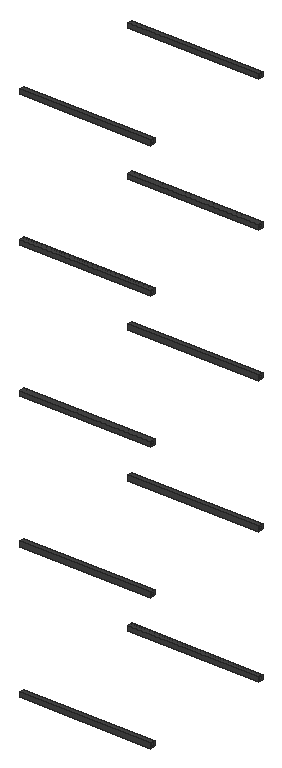
Revit family "DBLTD_TheSenatorGroup_OffcStrg_CrateDivide_LinkingBars", category Furniture, Revit 2018
Family settings
  Work Plane-Based = No
  Always vertical = Yes
  Cut with Voids When Loaded = No
  Shared = Yes
  Room Calculation Point = No
Parameters (values of type "Bars to Link 4-High Bay Unit")
  WarrantyStartDate [instance] = "1900-12-31T23:59:59"
  WarrantyGuarantorParts = "n/a"
  WarrantyGuarantorLabor = "n/a"
  WarrantyDurationUnit = "Years"
  WarrantyDurationParts = "n/a"
  WarrantyDurationLabor = "n/a"
  WarrantyDescription = "Allermuir will repair, or replace (at Allermuir’s sole discretion) with comparable free of charge materials/ components, any product/ component which fails under normal use in a single shift environment, as a result of a defect in the materials and/or workmanship. Exceptions - Non-standard product - 2 years Screen-mounted Accessories/ Dry-wipe Boards - 2 years Electrical and/or electronic componentry - 2 years. Exclusions - Allermuir does not warrant: Failure due to normal “Wear and Tear”. Natural variations in appearance of wood - its grain, figure and colour. Changes in surface appearance resulting from exposure to light, and the natural ageing process of wood. Changes in surface appearance resulting from the misuse of cleaning materials and methods/ damage form sharp objects/ imprinting from writing implements. Natural variations in Leather - its marks, scars and wrinkles. Product stored/ exposed to extreme operational conditions. Consumable components such as Fuses/ Lights/ lamps/ transformers/etc. Other Manufacturer’s product supplied by Allermuir (their own warranty shall apply where possible). Non-standard fabrics/ finishes or veneers used. Allermuir only checks the manufacturing quality of Customer’s Own Material (COM) and provides no warrant"
  Version = "2"  # constant formula
  Uniclass2015Version = "Products v1.9"
  Uniclass2015Title = "Office storage units"
  Uniclass2015Code = "Pr_40_30_78_57"
  URL = "https://www.thesenatorgroup.com/"
  Type Comments = "Connector bars to link 4-high bay unit"
  TagNumber [instance] = "n/a"
  SustainabilityPerformance = "Contains up to 50.00% of Recycled Material"
  Style = "n/a"
  Size = "L 458mm x  W 458mm x  H 1790mm"
  Shape = "Rectangular"
  SerialNumber [instance] = "n/a"
  Revision = "n/a"
  ReplacementCost = "n/a"
  ProductInformation = "https://www.thesenatorgroup.com/en/catalog/allermuir/tables-storage/crate-divide"
  OmniClassTitle = "Storage"
  OmniClassCode = "22-12 51 19"
  NominalWidth = 458 mm
  NominalLength = 458 mm
  NominalHeight = 1790 mm
  NominalDepth = 458 mm
  Name = "OfficeStorage_CrateDivide_LinkingBars"
  NBSReference = "45-35-80/360"
  NBSDescription = "Office storage"
  NBSCertification = ""
  ModelReference = "Connector bars to link 4-high bay unit"
  ModelNumber = "CRT10CB"
  Model = "CRT10CB"
  Material = "Tubular Steel"
  ManufacturerURL = "https://www.thesenatorgroup.com/"
  ManufacturerName = "The Senator Group"
  Manufacturer = "The Senator Group"
  MainColor = "n/a"
  Keynote = "Pr_40_30_78_57"
  InstallationDate [instance] = "1900-12-31T23:59:59"
  IfcExportType = "STORAGE"  # constant formula
  IfcExportAs = "IfcFurnitureType"  # constant formula
  Grade = "n/a"
  FrameNumber = 4
  FrameMaterial [instance] = TheSenatorGroup_Plastic_Black
  Finish = "Black powder coat as standard. Optional colours available White, Sage, Bronze and Aubergine"
  Features = "A cube based modular storage system with a prime function to to act as a room divider. Create spaces using the modular design of Crate. Pre-built components can be connected together in-line or at right angles to create different zones within existing spaces."
  ExpectedLife = "n/a"
  DurationUnit = "year"
  Description = "Connector bars to link 4-high bay unit"
  Cost = 0
  Constituents = "Tubular Steel frame available in Optional White, Sage, Bronze and Aubergine powder coat"
  Color = "Defined by Finish Specifed"
  CodePerformance = "n/a"
  Category = "Pr_40_30_78_57:Office storage units"
  BarCode [instance] = "n/a"
  BIMObjectName = "TheSenatorGroup_OfficeStorage_CrateDivide_LinkingBars"
  Author = "Diane Butterworth Ltd"  # constant formula
  AssetType = "Movable"
  AssetIdentifier [instance] = "n/a"
  AccessibilityPerformance = "n/a"
Types (5, lengths in mm): name | Type Comments | Size | NominalHeight | ModelReference | ModelNumber | Model | FrameNumber | Description
  (no name) | "Connector bars to link 4-high bay unit" | "L 458mm x  W 458mm x  H 1790mm" | 1790 | "Connector bars to link 4-high bay unit" | "CRT10CB" | "CRT10CB" | 4 | "Connector bars to link 4-high bay unit"
  Bars to Link 2-High Bay Unit | "Connector bars to link 2-high bay unit" | "L 458mm x  W 458mm x  H 900mm" | 900 | "Connector bars to link 2-high bay unit" | "CRT6CB" | "CRT6CB" | 2 | "Connector bars to link 2-high bay unit"
  Bars to Link 3-High Bay Unit | "Connector bars to link 3-high bay unit" | "L 458mm x  W 458mm x  H 1348mm" | 1348 | "Connector bars to link 3-high bay unit" | "CRT8CB" | "CRT8CB" | 3 | "Connector bars to link 3-high bay unit"
  Bars to Link 4-High Bay Unit | "Connector bars to link 4-high bay unit" | "L 458mm x  W 458mm x  H 1790mm" | 1790 | "Connector bars to link 4-high bay unit" | "CRT10CB" | "CRT10CB" | 4 | "Connector bars to link 4-high bay unit"
  Bars to Link 5-High Bay Unit | "Connector bars to link 5-high bay unit" | "L 458mm x  W 458mm x  H 2232mm" | 2232 | "Connector bars to link 5-high bay unit" | "CRT12CB" | "CRT12CB" | 5 | "Connector bars to link 5-high bay unit"
Reference planes
  plane 1 "Back": y = 0
  plane 2: z = 0
  plane 3 "Center (Left/Right)": x = 0
  plane 4 "Front": y = -458
  plane 5 "Top": z = 1790
  plane 6: y = -229
  plane 7 "Shelf2": x = -213.1
  plane 8 "Shelf3": x = 213.1
  plane 9: z = 10.05
Forms (mm)
  Extrusion 1, solid, material "TheSenatorGroup_Plastic_Black" <- "FrameMaterial"
    sketch origin (0, 0, 0) x (0, 1, 0) y (0, 0, 1)
      loop
        line (-442.12, 25.88) -> (-458, 25.88) -> (-458, 10) -> (-442.12, 10) -> (-442.12, 25.88)
      loop
        line (0, 25.88) -> (-16, 25.88) -> (-16, 10) -> (0, 10) -> (0, 25.88)
      loop
        line (-2, 23.88) -> (-14, 23.88) -> (-14, 12) -> (-2, 12) -> (-2, 23.88)
      loop
        line (-444.12, 23.88) -> (-456, 23.88) -> (-456, 12) -> (-444.12, 12) -> (-444.12, 23.88)
    from -213.06 to 213.06
  Extrusion 2, solid, material "TheSenatorGroup_Plastic_Black" <- "FrameMaterial"
    sketch origin (0, 0, 442.05) x (0, 1, 0) y (0, 0, 1)
      loop
        line (-442.12, 25.88) -> (-458, 25.88) -> (-458, 10) -> (-442.12, 10) -> (-442.12, 25.88)
      loop
        line (0, 25.88) -> (-16, 25.88) -> (-16, 10) -> (0, 10) -> (0, 25.88)
      loop
        line (-2, 23.88) -> (-14, 23.88) -> (-14, 12) -> (-2, 12) -> (-2, 23.88)
      loop
        line (-444.12, 23.88) -> (-456, 23.88) -> (-456, 12) -> (-444.12, 12) -> (-444.12, 23.88)
    from -213.06 to 213.06
  Extrusion 3, solid, material "TheSenatorGroup_Plastic_Black" <- "FrameMaterial"
    sketch origin (0, 0, 884.05) x (0, 1, 0) y (0, 0, 1)
      loop
        line (-442.12, 25.88) -> (-458, 25.88) -> (-458, 10) -> (-442.12, 10) -> (-442.12, 25.88)
      loop
        line (0, 25.88) -> (-16, 25.88) -> (-16, 10) -> (0, 10) -> (0, 25.88)
      loop
        line (-2, 23.88) -> (-14, 23.88) -> (-14, 12) -> (-2, 12) -> (-2, 23.88)
      loop
        line (-444.12, 23.88) -> (-456, 23.88) -> (-456, 12) -> (-444.12, 12) -> (-444.12, 23.88)
    from -213.06 to 213.06
  Extrusion 4, solid, material "TheSenatorGroup_Plastic_Black" <- "FrameMaterial"
    sketch origin (0, 0, 1326.05) x (0, 1, 0) y (0, 0, 1)
      loop
        line (-442.12, 25.88) -> (-458, 25.88) -> (-458, 10) -> (-442.12, 10) -> (-442.12, 25.88)
      loop
        line (0, 25.88) -> (-16, 25.88) -> (-16, 10) -> (0, 10) -> (0, 25.88)
      loop
        line (-2, 23.88) -> (-14, 23.88) -> (-14, 12) -> (-2, 12) -> (-2, 23.88)
      loop
        line (-444.12, 23.88) -> (-456, 23.88) -> (-456, 12) -> (-444.12, 12) -> (-444.12, 23.88)
    from -213.06 to 213.06
  Extrusion 5, solid, material "TheSenatorGroup_Plastic_Black" <- "FrameMaterial"
    sketch origin (0, 0, 1768.05) x (0, 1, 0) y (0, 0, 1)
      loop
        line (-442.12, 25.88) -> (-458, 25.88) -> (-458, 10) -> (-442.12, 10) -> (-442.12, 25.88)
      loop
        line (0, 25.88) -> (-16, 25.88) -> (-16, 10) -> (0, 10) -> (0, 25.88)
      loop
        line (-2, 23.88) -> (-14, 23.88) -> (-14, 12) -> (-2, 12) -> (-2, 23.88)
      loop
        line (-444.12, 23.88) -> (-456, 23.88) -> (-456, 12) -> (-444.12, 12) -> (-444.12, 23.88)
    from -213.06 to 213.06
Dimensions and locks
  "NominalDepth": plane 4 "Front" to plane 1 "Back"
  "NominalHeight": plane 5 "Top" to level
  equal spacing: plane 4 "Front", plane 6, plane 1 "Back"
  Extrusion 2 to level = 467.93 mm
  equal spacing: group 2, group 3, group 4, group 5  (x3)
  plane 9 to level = 10.05 mm
  aligned and locked: level to plane 2
Automatic sketch dimensions
  Extrusion 1 sketch curve to Extrusion 1 sketch curve = 15.88 mm  (x3)
  Extrusion 1 sketch curve to Extrusion 1 sketch curve = 2 mm  (x8)
  Extrusion 1 sketch curve to Extrusion 1 sketch curve = 426.12 mm
  Extrusion 1 sketch curve to Extrusion 1 sketch curve = 12 mm
  Extrusion 1 sketch curve to Extrusion 1 sketch curve = 0 mm
  Extrusion 2 sketch curve to Extrusion 2 sketch curve = 15.88 mm  (x3)
  Extrusion 2 sketch curve to Extrusion 2 sketch curve = 2 mm  (x8)
  Extrusion 2 sketch curve to Extrusion 2 sketch curve = 426.12 mm
  Extrusion 2 sketch curve to Extrusion 2 sketch curve = 12 mm
  Extrusion 2 sketch curve to Extrusion 2 sketch curve = 0 mm
  Extrusion 3 sketch curve to Extrusion 3 sketch curve = 15.88 mm  (x3)
  Extrusion 3 sketch curve to Extrusion 3 sketch curve = 2 mm  (x8)
  Extrusion 3 sketch curve to Extrusion 3 sketch curve = 426.12 mm
  Extrusion 3 sketch curve to Extrusion 3 sketch curve = 12 mm
  Extrusion 3 sketch curve to Extrusion 3 sketch curve = 0 mm
  Extrusion 4 sketch curve to Extrusion 4 sketch curve = 15.88 mm  (x3)
  Extrusion 4 sketch curve to Extrusion 4 sketch curve = 2 mm  (x8)
  Extrusion 4 sketch curve to Extrusion 4 sketch curve = 426.12 mm
  Extrusion 4 sketch curve to Extrusion 4 sketch curve = 12 mm
  Extrusion 4 sketch curve to Extrusion 4 sketch curve = 0 mm
  Extrusion 5 sketch curve to Extrusion 5 sketch curve = 15.88 mm  (x3)
  Extrusion 5 sketch curve to Extrusion 5 sketch curve = 2 mm  (x8)
  Extrusion 5 sketch curve to Extrusion 5 sketch curve = 426.12 mm
  Extrusion 5 sketch curve to Extrusion 5 sketch curve = 12 mm
  Extrusion 5 sketch curve to Extrusion 5 sketch curve = 0 mm
